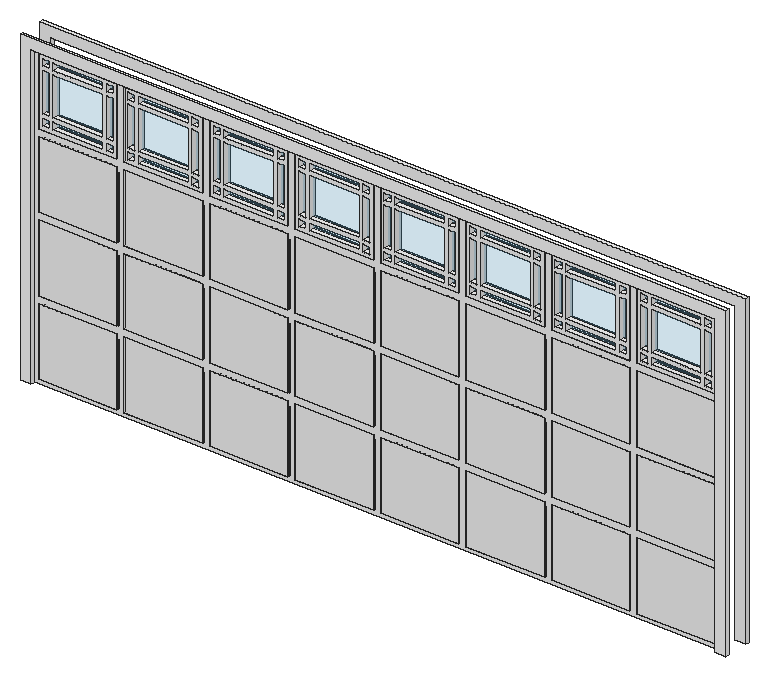
Revit family
Parameters (values of type "Overheard_Panel_Garage_Door_Contemporary_4")
  Frame Projection Ext. = 0' - 1"
  Frame Projection Int. = 0' - 1"
  Frame Width = 0' - 3"
  Height = 7' - 0"
  Wall Closure = (empty or 0)
  Width = 16' - 0"
  Assembly Code = ""
Reference planes (in)
  plane 1 "Center (Front/Back)": y = 0
  plane 2 "Center (Left/Right)": x = 0
  plane 3 "Left": x = -96
  plane 4 "Right": x = 96
  plane 5 "Top": z = 84
  plane 6: x = 72
  plane 7: x = 48
  plane 8: x = 24
  plane 9: x = 0
  plane 10: x = -24
  plane 11: x = -48
  plane 12: x = -72
  plane 13: z = 63
  plane 14: z = 42
  plane 15: z = 21
  plane 16: z = 84
  plane 17: z = 0
  plane 18: z = 0
  plane 19: x = -96
Forms (in)
  Extrusion 1, solid, material "Paint - White"
    sketch origin (-90, 3, 0) x (-1, 0, 0) y (0, 0, 1)
      loop
        line (-186, 84) -> (6, 84) -> (6, 0) -> (9, 0) -> (9, 87) -> (-189, 87) -> (-189, 0) -> (-186, 0) -> (-186, 84)
    from 0 to 1
  Extrusion 2, solid, material "JOSHUA(DEFAULT)"
    sketch origin (-90, -3, 0) x (1, 0, 0) y (0, 0, 1)
      loop
        line (-6, 0) -> (-6, 84) -> (186, 84) -> (186, 0) -> (189, 0) -> (189, 87) -> (-9, 87) -> (-9, 0) -> (-6, 0)
    from 0 to 1
  Extrusion 3, solid, material "Paint - White"
    sketch origin (0, 0, 0) x (1, 0, 0) y (0, 0, 1)
      loop
        line (96, 84) -> (-96, 84) -> (-96, 0) -> (96, 0) -> (96, 84)
      loop
        line (95, 83) -> (73, 83) -> (73, 64) -> (95, 64) -> (95, 83)
      loop
        line (71, 83) -> (49, 83) -> (49, 64) -> (71, 64) -> (71, 83)
      loop
        line (47, 83) -> (25, 83) -> (25, 64) -> (47, 64) -> (47, 83)
      loop
        line (23, 83) -> (1, 83) -> (1, 64) -> (23, 64) -> (23, 83)
      loop
        line (-1, 83) -> (-23, 83) -> (-23, 64) -> (-1, 64) -> (-1, 83)
      loop
        line (-25, 83) -> (-47, 83) -> (-47, 64) -> (-25, 64) -> (-25, 83)
      loop
        line (-49, 83) -> (-71, 83) -> (-71, 64) -> (-49, 64) -> (-49, 83)
      loop
        line (-73, 83) -> (-95, 83) -> (-95, 64) -> (-73, 64) -> (-73, 83)
      loop
        line (95, 62) -> (73, 62) -> (73, 43) -> (95, 43) -> (95, 62)
      loop
        line (95, 20) -> (73, 20) -> (73, 1) -> (95, 1) -> (95, 20)
      loop
        line (95, 41) -> (73, 41) -> (73, 22) -> (95, 22) -> (95, 41)
      loop
        line (71, 41) -> (49, 41) -> (49, 22) -> (71, 22) -> (71, 41)
      loop
        line (71, 20) -> (49, 20) -> (49, 1) -> (71, 1) -> (71, 20)
      loop
        line (71, 62) -> (49, 62) -> (49, 43) -> (71, 43) -> (71, 62)
      loop
        line (47, 62) -> (25, 62) -> (25, 43) -> (47, 43) -> (47, 62)
      loop
        line (47, 41) -> (25, 41) -> (25, 22) -> (47, 22) -> (47, 41)
      loop
        line (47, 20) -> (25, 20) -> (25, 1) -> (47, 1) -> (47, 20)
      loop
        line (23, 62) -> (1, 62) -> (1, 43) -> (23, 43) -> (23, 62)
      loop
        line (23, 41) -> (1, 41) -> (1, 22) -> (23, 22) -> (23, 41)
      loop
        line (23, 20) -> (1, 20) -> (1, 1) -> (23, 1) -> (23, 20)
      loop
        line (-1, 62) -> (-23, 62) -> (-23, 43) -> (-1, 43) -> (-1, 62)
      loop
        line (-25, 41) -> (-47, 41) -> (-47, 22) -> (-25, 22) -> (-25, 41)
      loop
        line (-49, 20) -> (-71, 20) -> (-71, 1) -> (-49, 1) -> (-49, 20)
      loop
        line (-49, 62) -> (-71, 62) -> (-71, 43) -> (-49, 43) -> (-49, 62)
      loop
        line (-73, 62) -> (-95, 62) -> (-95, 43) -> (-73, 43) -> (-73, 62)
      loop
        line (-73, 41) -> (-95, 41) -> (-95, 22) -> (-73, 22) -> (-73, 41)
      loop
        line (-73, 20) -> (-95, 20) -> (-95, 1) -> (-73, 1) -> (-73, 20)
      loop
        line (-49, 41) -> (-71, 41) -> (-71, 22) -> (-49, 22) -> (-49, 41)
      loop
        line (-25, 62) -> (-47, 62) -> (-47, 43) -> (-25, 43) -> (-25, 62)
      loop
        line (-1, 41) -> (-23, 41) -> (-23, 22) -> (-1, 22) -> (-1, 41)
      loop
        line (-25, 20) -> (-47, 20) -> (-47, 1) -> (-25, 1) -> (-25, 20)
      loop
        line (-23, 20) -> (-23, 1) -> (-1, 1) -> (-1, 20) -> (-23, 20)
    from 2.5 to 0
  Blend 4, solid, material "Paint - White"
    base sketch origin (0, 0, 0) x (1, 0, 0) y (0, 0, 1)
      loop
        line (95, 62) -> (73, 62) -> (73, 43) -> (95, 43) -> (95, 62)
    top sketch origin (0, 0, 0) x (1, 0, 0) y (0, 0, 1)
      loop
        line (94, 61) -> (74, 61) -> (74, 44) -> (94, 44) -> (94, 61)
    from 2 to 0.5
  Extrusion 5, solid, material "Paint - White"
    sketch origin (0, 0, 0) x (1, 0, 0) y (0, 0, 1)
      loop
        line (95, 62) -> (73, 62) -> (73, 43) -> (95, 43) -> (95, 62)
    from 2 to 2.5
  Blend 6, solid, material "Paint - White"
    base sketch origin (-24, 0, 0) x (1, 0, 0) y (0, 0, 1)
      loop
        line (95, 62) -> (73, 62) -> (73, 43) -> (95, 43) -> (95, 62)
    top sketch origin (-24, 0, 0) x (1, 0, 0) y (0, 0, 1)
      loop
        line (94, 61) -> (74, 61) -> (74, 44) -> (94, 44) -> (94, 61)
    from 2 to 0.5
  Extrusion 7, solid, material "Paint - White"
    sketch origin (-24, 0, 0) x (1, 0, 0) y (0, 0, 1)
      loop
        line (95, 62) -> (73, 62) -> (73, 43) -> (95, 43) -> (95, 62)
    from 2 to 2.5
  Blend 8, solid, material "Paint - White"
    base sketch origin (-48, 0, 0) x (1, 0, 0) y (0, 0, 1)
      loop
        line (95, 62) -> (73, 62) -> (73, 43) -> (95, 43) -> (95, 62)
    top sketch origin (-48, 0, 0) x (1, 0, 0) y (0, 0, 1)
      loop
        line (94, 61) -> (74, 61) -> (74, 44) -> (94, 44) -> (94, 61)
    from 2 to 0.5
  Extrusion 9, solid, material "Paint - White"
    sketch origin (-48, 0, 0) x (1, 0, 0) y (0, 0, 1)
      loop
        line (95, 62) -> (73, 62) -> (73, 43) -> (95, 43) -> (95, 62)
    from 2 to 2.5
  Blend 10, solid, material "Paint - White"
    base sketch origin (-72, 0, 0) x (1, 0, 0) y (0, 0, 1)
      loop
        line (95, 62) -> (73, 62) -> (73, 43) -> (95, 43) -> (95, 62)
    top sketch origin (-72, 0, 0) x (1, 0, 0) y (0, 0, 1)
      loop
        line (94, 61) -> (74, 61) -> (74, 44) -> (94, 44) -> (94, 61)
    from 2 to 0.5
  Extrusion 11, solid, material "Paint - White"
    sketch origin (-72, 0, 0) x (1, 0, 0) y (0, 0, 1)
      loop
        line (95, 62) -> (73, 62) -> (73, 43) -> (95, 43) -> (95, 62)
    from 2 to 2.5
  Blend 12, solid, material "Paint - White"
    base sketch origin (-96, 0, 0) x (1, 0, 0) y (0, 0, 1)
      loop
        line (95, 62) -> (73, 62) -> (73, 43) -> (95, 43) -> (95, 62)
    top sketch origin (-96, 0, 0) x (1, 0, 0) y (0, 0, 1)
      loop
        line (94, 61) -> (74, 61) -> (74, 44) -> (94, 44) -> (94, 61)
    from 2 to 0.5
  Extrusion 13, solid, material "Paint - White"
    sketch origin (-96, 0, 0) x (1, 0, 0) y (0, 0, 1)
      loop
        line (95, 62) -> (73, 62) -> (73, 43) -> (95, 43) -> (95, 62)
    from 2 to 2.5
  Blend 14, solid, material "Paint - White"
    base sketch origin (-120, 0, 0) x (1, 0, 0) y (0, 0, 1)
      loop
        line (95, 62) -> (73, 62) -> (73, 43) -> (95, 43) -> (95, 62)
    top sketch origin (-120, 0, 0) x (1, 0, 0) y (0, 0, 1)
      loop
        line (94, 61) -> (74, 61) -> (74, 44) -> (94, 44) -> (94, 61)
    from 2 to 0.5
  Extrusion 15, solid, material "Paint - White"
    sketch origin (-120, 0, 0) x (1, 0, 0) y (0, 0, 1)
      loop
        line (95, 62) -> (73, 62) -> (73, 43) -> (95, 43) -> (95, 62)
    from 2 to 2.5
  Blend 16, solid, material "Paint - White"
    base sketch origin (-144, 0, 0) x (1, 0, 0) y (0, 0, 1)
      loop
        line (95, 62) -> (73, 62) -> (73, 43) -> (95, 43) -> (95, 62)
    top sketch origin (-144, 0, 0) x (1, 0, 0) y (0, 0, 1)
      loop
        line (94, 61) -> (74, 61) -> (74, 44) -> (94, 44) -> (94, 61)
    from 2 to 0.5
  Extrusion 17, solid, material "Paint - White"
    sketch origin (-144, 0, 0) x (1, 0, 0) y (0, 0, 1)
      loop
        line (95, 62) -> (73, 62) -> (73, 43) -> (95, 43) -> (95, 62)
    from 2 to 2.5
  Blend 18, solid, material "Paint - White"
    base sketch origin (0, 0, -21) x (1, 0, 0) y (0, 0, 1)
      loop
        line (95, 62) -> (73, 62) -> (73, 43) -> (95, 43) -> (95, 62)
    top sketch origin (0, 0, -21) x (1, 0, 0) y (0, 0, 1)
      loop
        line (94, 61) -> (74, 61) -> (74, 44) -> (94, 44) -> (94, 61)
    from 2 to 0.5
  Extrusion 19, solid, material "Paint - White"
    sketch origin (0, 0, -21) x (1, 0, 0) y (0, 0, 1)
      loop
        line (95, 62) -> (73, 62) -> (73, 43) -> (95, 43) -> (95, 62)
    from 2 to 2.5
  Blend 20, solid, material "Paint - White"
    base sketch origin (0, 0, -42) x (1, 0, 0) y (0, 0, 1)
      loop
        line (95, 62) -> (73, 62) -> (73, 43) -> (95, 43) -> (95, 62)
    top sketch origin (0, 0, -42) x (1, 0, 0) y (0, 0, 1)
      loop
        line (94, 61) -> (74, 61) -> (74, 44) -> (94, 44) -> (94, 61)
    from 2 to 0.5
  Extrusion 21, solid, material "Paint - White"
    sketch origin (0, 0, -42) x (1, 0, 0) y (0, 0, 1)
      loop
        line (95, 62) -> (73, 62) -> (73, 43) -> (95, 43) -> (95, 62)
    from 2 to 2.5
  Blend 22, solid, material "Paint - White"
    base sketch origin (-24, 0, -21) x (1, 0, 0) y (0, 0, 1)
      loop
        line (95, 62) -> (73, 62) -> (73, 43) -> (95, 43) -> (95, 62)
    top sketch origin (-24, 0, -21) x (1, 0, 0) y (0, 0, 1)
      loop
        line (94, 61) -> (74, 61) -> (74, 44) -> (94, 44) -> (94, 61)
    from 2 to 0.5
  Extrusion 23, solid, material "Paint - White"
    sketch origin (-24, 0, -21) x (1, 0, 0) y (0, 0, 1)
      loop
        line (95, 62) -> (73, 62) -> (73, 43) -> (95, 43) -> (95, 62)
    from 2 to 2.5
  Blend 24, solid, material "Paint - White"
    base sketch origin (-24, 0, -42) x (1, 0, 0) y (0, 0, 1)
      loop
        line (95, 62) -> (73, 62) -> (73, 43) -> (95, 43) -> (95, 62)
    top sketch origin (-24, 0, -42) x (1, 0, 0) y (0, 0, 1)
      loop
        line (94, 61) -> (74, 61) -> (74, 44) -> (94, 44) -> (94, 61)
    from 2 to 0.5
  Extrusion 25, solid, material "Paint - White"
    sketch origin (-24, 0, -42) x (1, 0, 0) y (0, 0, 1)
      loop
        line (95, 62) -> (73, 62) -> (73, 43) -> (95, 43) -> (95, 62)
    from 2 to 2.5
  Blend 26, solid, material "Paint - White"
    base sketch origin (-48, 0, -21) x (1, 0, 0) y (0, 0, 1)
      loop
        line (95, 62) -> (73, 62) -> (73, 43) -> (95, 43) -> (95, 62)
    top sketch origin (-48, 0, -21) x (1, 0, 0) y (0, 0, 1)
      loop
        line (94, 61) -> (74, 61) -> (74, 44) -> (94, 44) -> (94, 61)
    from 2 to 0.5
  Extrusion 27, solid, material "Paint - White"
    sketch origin (-48, 0, -21) x (1, 0, 0) y (0, 0, 1)
      loop
        line (95, 62) -> (73, 62) -> (73, 43) -> (95, 43) -> (95, 62)
    from 2 to 2.5
  Blend 28, solid, material "Paint - White"
    base sketch origin (-48, 0, -42) x (1, 0, 0) y (0, 0, 1)
      loop
        line (95, 62) -> (73, 62) -> (73, 43) -> (95, 43) -> (95, 62)
    top sketch origin (-48, 0, -42) x (1, 0, 0) y (0, 0, 1)
      loop
        line (94, 61) -> (74, 61) -> (74, 44) -> (94, 44) -> (94, 61)
    from 2 to 0.5
  Extrusion 29, solid, material "Paint - White"
    sketch origin (-48, 0, -42) x (1, 0, 0) y (0, 0, 1)
      loop
        line (95, 62) -> (73, 62) -> (73, 43) -> (95, 43) -> (95, 62)
    from 2 to 2.5
  Blend 30, solid, material "Paint - White"
    base sketch origin (-72, 0, -21) x (1, 0, 0) y (0, 0, 1)
      loop
        line (95, 62) -> (73, 62) -> (73, 43) -> (95, 43) -> (95, 62)
    top sketch origin (-72, 0, -21) x (1, 0, 0) y (0, 0, 1)
      loop
        line (94, 61) -> (74, 61) -> (74, 44) -> (94, 44) -> (94, 61)
    from 2 to 0.5
  Extrusion 31, solid, material "Paint - White"
    sketch origin (-72, 0, -21) x (1, 0, 0) y (0, 0, 1)
      loop
        line (95, 62) -> (73, 62) -> (73, 43) -> (95, 43) -> (95, 62)
    from 2 to 2.5
  Blend 32, solid, material "Paint - White"
    base sketch origin (-72, 0, -42) x (1, 0, 0) y (0, 0, 1)
      loop
        line (95, 62) -> (73, 62) -> (73, 43) -> (95, 43) -> (95, 62)
    top sketch origin (-72, 0, -42) x (1, 0, 0) y (0, 0, 1)
      loop
        line (94, 61) -> (74, 61) -> (74, 44) -> (94, 44) -> (94, 61)
    from 2 to 0.5
  Extrusion 33, solid, material "Paint - White"
    sketch origin (-72, 0, -42) x (1, 0, 0) y (0, 0, 1)
      loop
        line (95, 62) -> (73, 62) -> (73, 43) -> (95, 43) -> (95, 62)
    from 2 to 2.5
  Blend 34, solid, material "Paint - White"
    base sketch origin (-96, 0, -21) x (1, 0, 0) y (0, 0, 1)
      loop
        line (95, 62) -> (73, 62) -> (73, 43) -> (95, 43) -> (95, 62)
    top sketch origin (-96, 0, -21) x (1, 0, 0) y (0, 0, 1)
      loop
        line (94, 61) -> (74, 61) -> (74, 44) -> (94, 44) -> (94, 61)
    from 2 to 0.5
  Extrusion 35, solid, material "Paint - White"
    sketch origin (-96, 0, -21) x (1, 0, 0) y (0, 0, 1)
      loop
        line (95, 62) -> (73, 62) -> (73, 43) -> (95, 43) -> (95, 62)
    from 2 to 2.5
  Blend 36, solid, material "Paint - White"
    base sketch origin (-96, 0, -42) x (1, 0, 0) y (0, 0, 1)
      loop
        line (95, 62) -> (73, 62) -> (73, 43) -> (95, 43) -> (95, 62)
    top sketch origin (-96, 0, -42) x (1, 0, 0) y (0, 0, 1)
      loop
        line (94, 61) -> (74, 61) -> (74, 44) -> (94, 44) -> (94, 61)
    from 2 to 0.5
  Extrusion 37, solid, material "Paint - White"
    sketch origin (-96, 0, -42) x (1, 0, 0) y (0, 0, 1)
      loop
        line (95, 62) -> (73, 62) -> (73, 43) -> (95, 43) -> (95, 62)
    from 2 to 2.5
  Blend 38, solid, material "Paint - White"
    base sketch origin (-120, 0, -21) x (1, 0, 0) y (0, 0, 1)
      loop
        line (95, 62) -> (73, 62) -> (73, 43) -> (95, 43) -> (95, 62)
    top sketch origin (-120, 0, -21) x (1, 0, 0) y (0, 0, 1)
      loop
        line (94, 61) -> (74, 61) -> (74, 44) -> (94, 44) -> (94, 61)
    from 2 to 0.5
  Extrusion 39, solid, material "Paint - White"
    sketch origin (-120, 0, -21) x (1, 0, 0) y (0, 0, 1)
      loop
        line (95, 62) -> (73, 62) -> (73, 43) -> (95, 43) -> (95, 62)
    from 2 to 2.5
  Blend 40, solid, material "Paint - White"
    base sketch origin (-120, 0, -42) x (1, 0, 0) y (0, 0, 1)
      loop
        line (95, 62) -> (73, 62) -> (73, 43) -> (95, 43) -> (95, 62)
    top sketch origin (-120, 0, -42) x (1, 0, 0) y (0, 0, 1)
      loop
        line (94, 61) -> (74, 61) -> (74, 44) -> (94, 44) -> (94, 61)
    from 2 to 0.5
  Extrusion 41, solid, material "Paint - White"
    sketch origin (-120, 0, -42) x (1, 0, 0) y (0, 0, 1)
      loop
        line (95, 62) -> (73, 62) -> (73, 43) -> (95, 43) -> (95, 62)
    from 2 to 2.5
  Blend 42, solid, material "Paint - White"
    base sketch origin (-144, 0, -21) x (1, 0, 0) y (0, 0, 1)
      loop
        line (95, 62) -> (73, 62) -> (73, 43) -> (95, 43) -> (95, 62)
    top sketch origin (-144, 0, -21) x (1, 0, 0) y (0, 0, 1)
      loop
        line (94, 61) -> (74, 61) -> (74, 44) -> (94, 44) -> (94, 61)
    from 2 to 0.5
  Extrusion 43, solid, material "Paint - White"
    sketch origin (-144, 0, -21) x (1, 0, 0) y (0, 0, 1)
      loop
        line (95, 62) -> (73, 62) -> (73, 43) -> (95, 43) -> (95, 62)
    from 2 to 2.5
  Blend 44, solid, material "Paint - White"
    base sketch origin (-144, 0, -42) x (1, 0, 0) y (0, 0, 1)
      loop
        line (95, 62) -> (73, 62) -> (73, 43) -> (95, 43) -> (95, 62)
    top sketch origin (-144, 0, -42) x (1, 0, 0) y (0, 0, 1)
      loop
        line (94, 61) -> (74, 61) -> (74, 44) -> (94, 44) -> (94, 61)
    from 2 to 0.5
  Extrusion 45, solid, material "Paint - White"
    sketch origin (-144, 0, -42) x (1, 0, 0) y (0, 0, 1)
      loop
        line (95, 62) -> (73, 62) -> (73, 43) -> (95, 43) -> (95, 62)
    from 2 to 2.5
  Blend 46, solid, material "Paint - White"
    base sketch origin (-168, 0, -21) x (1, 0, 0) y (0, 0, 1)
      loop
        line (95, 62) -> (73, 62) -> (73, 43) -> (95, 43) -> (95, 62)
    top sketch origin (-168, 0, -21) x (1, 0, 0) y (0, 0, 1)
      loop
        line (94, 61) -> (74, 61) -> (74, 44) -> (94, 44) -> (94, 61)
    from 2 to 0.5
  Extrusion 47, solid, material "Paint - White"
    sketch origin (-168, 0, -21) x (1, 0, 0) y (0, 0, 1)
      loop
        line (95, 62) -> (73, 62) -> (73, 43) -> (95, 43) -> (95, 62)
    from 2 to 2.5
  Blend 48, solid, material "Paint - White"
    base sketch origin (-168, 0, -42) x (1, 0, 0) y (0, 0, 1)
      loop
        line (95, 62) -> (73, 62) -> (73, 43) -> (95, 43) -> (95, 62)
    top sketch origin (-168, 0, -42) x (1, 0, 0) y (0, 0, 1)
      loop
        line (94, 61) -> (74, 61) -> (74, 44) -> (94, 44) -> (94, 61)
    from 2 to 0.5
  Extrusion 49, solid, material "Paint - White"
    sketch origin (-168, 0, -42) x (1, 0, 0) y (0, 0, 1)
      loop
        line (95, 62) -> (73, 62) -> (73, 43) -> (95, 43) -> (95, 62)
    from 2 to 2.5
  Blend 50, solid, material "Paint - White"
    base sketch origin (-168, 0, 0) x (1, 0, 0) y (0, 0, 1)
      loop
        line (95, 62) -> (73, 62) -> (73, 43) -> (95, 43) -> (95, 62)
    top sketch origin (-168, 0, 0) x (1, 0, 0) y (0, 0, 1)
      loop
        line (94, 61) -> (74, 61) -> (74, 44) -> (94, 44) -> (94, 61)
    from 2 to 0.5
  Extrusion 51, solid, material "Paint - White"
    sketch origin (-168, 0, 0) x (1, 0, 0) y (0, 0, 1)
      loop
        line (95, 62) -> (73, 62) -> (73, 43) -> (95, 43) -> (95, 62)
    from 2 to 2.5
  Extrusion 52, solid, material "Paint - White"
    sketch origin (0, 0, 0) x (1, 0, 0) y (0, 0, 1)
      loop
        line (95, 83) -> (73, 83) -> (73, 64) -> (95, 64) -> (95, 83)
      loop
        line (94, 65) -> (94, 67) -> (92, 67) -> (92, 65) -> (94, 65)
      loop
        line (74, 65) -> (76, 65) -> (76, 67) -> (74, 67) -> (74, 65)
      loop
        line (74, 82) -> (74, 80) -> (76, 80) -> (76, 82) -> (74, 82)
      loop
        line (94, 82) -> (92, 82) -> (92, 80) -> (94, 80) -> (94, 82)
      loop
        line (94, 79) -> (92, 79) -> (92, 68) -> (94, 68) -> (94, 79)
      loop
        line (74, 68) -> (76, 68) -> (76, 79) -> (74, 79) -> (74, 68)
      loop
        line (91, 65) -> (91, 67) -> (77, 67) -> (77, 65) -> (91, 65)
      loop
        line (77, 82) -> (77, 80) -> (91, 80) -> (91, 82) -> (77, 82)
      loop
        line (91, 79) -> (77, 79) -> (77, 68) -> (91, 68) -> (91, 79)
    from 0.5 to 2.5
  Extrusion 53, solid, material "Glass"
    sketch origin (0, 0, 0) x (1, 0, 0) y (0, 0, 1)
      loop
        line (94, 82) -> (92, 82) -> (92, 80) -> (94, 80) -> (94, 82)
      loop
        line (92, 79) -> (92, 68) -> (94, 68) -> (94, 79) -> (92, 79)
      loop
        line (76, 82) -> (74, 82) -> (74, 80) -> (76, 80) -> (76, 82)
      loop
        line (76, 67) -> (74, 67) -> (74, 65) -> (76, 65) -> (76, 67)
      loop
        line (94, 67) -> (92, 67) -> (92, 65) -> (94, 65) -> (94, 67)
      loop
        line (74, 79) -> (74, 68) -> (76, 68) -> (76, 79) -> (74, 79)
      loop
        line (91, 82) -> (77, 82) -> (77, 80) -> (91, 80) -> (91, 82)
      loop
        line (91, 67) -> (77, 67) -> (77, 65) -> (91, 65) -> (91, 67)
      loop
        line (91, 79) -> (77, 79) -> (77, 68) -> (91, 68) -> (91, 79)
    from 1 to 1.25
  Extrusion 54, solid, material "Paint - White"
    sketch origin (-24, 0, 0) x (1, 0, 0) y (0, 0, 1)
      loop
        line (95, 83) -> (73, 83) -> (73, 64) -> (95, 64) -> (95, 83)
      loop
        line (94, 65) -> (94, 67) -> (92, 67) -> (92, 65) -> (94, 65)
      loop
        line (74, 65) -> (76, 65) -> (76, 67) -> (74, 67) -> (74, 65)
      loop
        line (74, 82) -> (74, 80) -> (76, 80) -> (76, 82) -> (74, 82)
      loop
        line (94, 82) -> (92, 82) -> (92, 80) -> (94, 80) -> (94, 82)
      loop
        line (94, 79) -> (92, 79) -> (92, 68) -> (94, 68) -> (94, 79)
      loop
        line (74, 68) -> (76, 68) -> (76, 79) -> (74, 79) -> (74, 68)
      loop
        line (91, 65) -> (91, 67) -> (77, 67) -> (77, 65) -> (91, 65)
      loop
        line (77, 82) -> (77, 80) -> (91, 80) -> (91, 82) -> (77, 82)
      loop
        line (91, 79) -> (77, 79) -> (77, 68) -> (91, 68) -> (91, 79)
    from 0.5 to 2.5
  Extrusion 55, solid, material "Glass"
    sketch origin (-24, 0, 0) x (1, 0, 0) y (0, 0, 1)
      loop
        line (94, 82) -> (92, 82) -> (92, 80) -> (94, 80) -> (94, 82)
      loop
        line (92, 79) -> (92, 68) -> (94, 68) -> (94, 79) -> (92, 79)
      loop
        line (76, 82) -> (74, 82) -> (74, 80) -> (76, 80) -> (76, 82)
      loop
        line (76, 67) -> (74, 67) -> (74, 65) -> (76, 65) -> (76, 67)
      loop
        line (94, 67) -> (92, 67) -> (92, 65) -> (94, 65) -> (94, 67)
      loop
        line (74, 79) -> (74, 68) -> (76, 68) -> (76, 79) -> (74, 79)
      loop
        line (91, 82) -> (77, 82) -> (77, 80) -> (91, 80) -> (91, 82)
      loop
        line (91, 67) -> (77, 67) -> (77, 65) -> (91, 65) -> (91, 67)
      loop
        line (91, 79) -> (77, 79) -> (77, 68) -> (91, 68) -> (91, 79)
    from 1 to 1.25
  Extrusion 56, solid, material "Paint - White"
    sketch origin (-48, 0, 0) x (1, 0, 0) y (0, 0, 1)
      loop
        line (95, 83) -> (73, 83) -> (73, 64) -> (95, 64) -> (95, 83)
      loop
        line (94, 65) -> (94, 67) -> (92, 67) -> (92, 65) -> (94, 65)
      loop
        line (74, 65) -> (76, 65) -> (76, 67) -> (74, 67) -> (74, 65)
      loop
        line (74, 82) -> (74, 80) -> (76, 80) -> (76, 82) -> (74, 82)
      loop
        line (94, 82) -> (92, 82) -> (92, 80) -> (94, 80) -> (94, 82)
      loop
        line (94, 79) -> (92, 79) -> (92, 68) -> (94, 68) -> (94, 79)
      loop
        line (74, 68) -> (76, 68) -> (76, 79) -> (74, 79) -> (74, 68)
      loop
        line (91, 65) -> (91, 67) -> (77, 67) -> (77, 65) -> (91, 65)
      loop
        line (77, 82) -> (77, 80) -> (91, 80) -> (91, 82) -> (77, 82)
      loop
        line (91, 79) -> (77, 79) -> (77, 68) -> (91, 68) -> (91, 79)
    from 0.5 to 2.5
  Extrusion 57, solid, material "Glass"
    sketch origin (-48, 0, 0) x (1, 0, 0) y (0, 0, 1)
      loop
        line (94, 82) -> (92, 82) -> (92, 80) -> (94, 80) -> (94, 82)
      loop
        line (92, 79) -> (92, 68) -> (94, 68) -> (94, 79) -> (92, 79)
      loop
        line (76, 82) -> (74, 82) -> (74, 80) -> (76, 80) -> (76, 82)
      loop
        line (76, 67) -> (74, 67) -> (74, 65) -> (76, 65) -> (76, 67)
      loop
        line (94, 67) -> (92, 67) -> (92, 65) -> (94, 65) -> (94, 67)
      loop
        line (74, 79) -> (74, 68) -> (76, 68) -> (76, 79) -> (74, 79)
      loop
        line (91, 82) -> (77, 82) -> (77, 80) -> (91, 80) -> (91, 82)
      loop
        line (91, 67) -> (77, 67) -> (77, 65) -> (91, 65) -> (91, 67)
      loop
        line (91, 79) -> (77, 79) -> (77, 68) -> (91, 68) -> (91, 79)
    from 1 to 1.25
  Extrusion 58, solid, material "Paint - White"
    sketch origin (-72, 0, 0) x (1, 0, 0) y (0, 0, 1)
      loop
        line (95, 83) -> (73, 83) -> (73, 64) -> (95, 64) -> (95, 83)
      loop
        line (94, 65) -> (94, 67) -> (92, 67) -> (92, 65) -> (94, 65)
      loop
        line (74, 65) -> (76, 65) -> (76, 67) -> (74, 67) -> (74, 65)
      loop
        line (74, 82) -> (74, 80) -> (76, 80) -> (76, 82) -> (74, 82)
      loop
        line (94, 82) -> (92, 82) -> (92, 80) -> (94, 80) -> (94, 82)
      loop
        line (94, 79) -> (92, 79) -> (92, 68) -> (94, 68) -> (94, 79)
      loop
        line (74, 68) -> (76, 68) -> (76, 79) -> (74, 79) -> (74, 68)
      loop
        line (91, 65) -> (91, 67) -> (77, 67) -> (77, 65) -> (91, 65)
      loop
        line (77, 82) -> (77, 80) -> (91, 80) -> (91, 82) -> (77, 82)
      loop
        line (91, 79) -> (77, 79) -> (77, 68) -> (91, 68) -> (91, 79)
    from 0.5 to 2.5
  Extrusion 59, solid, material "Glass"
    sketch origin (-72, 0, 0) x (1, 0, 0) y (0, 0, 1)
      loop
        line (94, 82) -> (92, 82) -> (92, 80) -> (94, 80) -> (94, 82)
      loop
        line (92, 79) -> (92, 68) -> (94, 68) -> (94, 79) -> (92, 79)
      loop
        line (76, 82) -> (74, 82) -> (74, 80) -> (76, 80) -> (76, 82)
      loop
        line (76, 67) -> (74, 67) -> (74, 65) -> (76, 65) -> (76, 67)
      loop
        line (94, 67) -> (92, 67) -> (92, 65) -> (94, 65) -> (94, 67)
      loop
        line (74, 79) -> (74, 68) -> (76, 68) -> (76, 79) -> (74, 79)
      loop
        line (91, 82) -> (77, 82) -> (77, 80) -> (91, 80) -> (91, 82)
      loop
        line (91, 67) -> (77, 67) -> (77, 65) -> (91, 65) -> (91, 67)
      loop
        line (91, 79) -> (77, 79) -> (77, 68) -> (91, 68) -> (91, 79)
    from 1 to 1.25
  Extrusion 60, solid, material "Paint - White"
    sketch origin (-96, 0, 0) x (1, 0, 0) y (0, 0, 1)
      loop
        line (95, 83) -> (73, 83) -> (73, 64) -> (95, 64) -> (95, 83)
      loop
        line (94, 65) -> (94, 67) -> (92, 67) -> (92, 65) -> (94, 65)
      loop
        line (74, 65) -> (76, 65) -> (76, 67) -> (74, 67) -> (74, 65)
      loop
        line (74, 82) -> (74, 80) -> (76, 80) -> (76, 82) -> (74, 82)
      loop
        line (94, 82) -> (92, 82) -> (92, 80) -> (94, 80) -> (94, 82)
      loop
        line (94, 79) -> (92, 79) -> (92, 68) -> (94, 68) -> (94, 79)
      loop
        line (74, 68) -> (76, 68) -> (76, 79) -> (74, 79) -> (74, 68)
      loop
        line (91, 65) -> (91, 67) -> (77, 67) -> (77, 65) -> (91, 65)
      loop
        line (77, 82) -> (77, 80) -> (91, 80) -> (91, 82) -> (77, 82)
      loop
        line (91, 79) -> (77, 79) -> (77, 68) -> (91, 68) -> (91, 79)
    from 0.5 to 2.5
  Extrusion 61, solid, material "Glass"
    sketch origin (-96, 0, 0) x (1, 0, 0) y (0, 0, 1)
      loop
        line (94, 82) -> (92, 82) -> (92, 80) -> (94, 80) -> (94, 82)
      loop
        line (92, 79) -> (92, 68) -> (94, 68) -> (94, 79) -> (92, 79)
      loop
        line (76, 82) -> (74, 82) -> (74, 80) -> (76, 80) -> (76, 82)
      loop
        line (76, 67) -> (74, 67) -> (74, 65) -> (76, 65) -> (76, 67)
      loop
        line (94, 67) -> (92, 67) -> (92, 65) -> (94, 65) -> (94, 67)
      loop
        line (74, 79) -> (74, 68) -> (76, 68) -> (76, 79) -> (74, 79)
      loop
        line (91, 82) -> (77, 82) -> (77, 80) -> (91, 80) -> (91, 82)
      loop
        line (91, 67) -> (77, 67) -> (77, 65) -> (91, 65) -> (91, 67)
      loop
        line (91, 79) -> (77, 79) -> (77, 68) -> (91, 68) -> (91, 79)
    from 1 to 1.25
  Extrusion 62, solid, material "Paint - White"
    sketch origin (-120, 0, 0) x (1, 0, 0) y (0, 0, 1)
      loop
        line (95, 83) -> (73, 83) -> (73, 64) -> (95, 64) -> (95, 83)
      loop
        line (94, 65) -> (94, 67) -> (92, 67) -> (92, 65) -> (94, 65)
      loop
        line (74, 65) -> (76, 65) -> (76, 67) -> (74, 67) -> (74, 65)
      loop
        line (74, 82) -> (74, 80) -> (76, 80) -> (76, 82) -> (74, 82)
      loop
        line (94, 82) -> (92, 82) -> (92, 80) -> (94, 80) -> (94, 82)
      loop
        line (94, 79) -> (92, 79) -> (92, 68) -> (94, 68) -> (94, 79)
      loop
        line (74, 68) -> (76, 68) -> (76, 79) -> (74, 79) -> (74, 68)
      loop
        line (91, 65) -> (91, 67) -> (77, 67) -> (77, 65) -> (91, 65)
      loop
        line (77, 82) -> (77, 80) -> (91, 80) -> (91, 82) -> (77, 82)
      loop
        line (91, 79) -> (77, 79) -> (77, 68) -> (91, 68) -> (91, 79)
    from 0.5 to 2.5
  Extrusion 63, solid, material "Glass"
    sketch origin (-120, 0, 0) x (1, 0, 0) y (0, 0, 1)
      loop
        line (94, 82) -> (92, 82) -> (92, 80) -> (94, 80) -> (94, 82)
      loop
        line (92, 79) -> (92, 68) -> (94, 68) -> (94, 79) -> (92, 79)
      loop
        line (76, 82) -> (74, 82) -> (74, 80) -> (76, 80) -> (76, 82)
      loop
        line (76, 67) -> (74, 67) -> (74, 65) -> (76, 65) -> (76, 67)
      loop
        line (94, 67) -> (92, 67) -> (92, 65) -> (94, 65) -> (94, 67)
      loop
        line (74, 79) -> (74, 68) -> (76, 68) -> (76, 79) -> (74, 79)
      loop
        line (91, 82) -> (77, 82) -> (77, 80) -> (91, 80) -> (91, 82)
      loop
        line (91, 67) -> (77, 67) -> (77, 65) -> (91, 65) -> (91, 67)
      loop
        line (91, 79) -> (77, 79) -> (77, 68) -> (91, 68) -> (91, 79)
    from 1 to 1.25
  Extrusion 64, solid, material "Paint - White"
    sketch origin (-144, 0, 0) x (1, 0, 0) y (0, 0, 1)
      loop
        line (95, 83) -> (73, 83) -> (73, 64) -> (95, 64) -> (95, 83)
      loop
        line (94, 65) -> (94, 67) -> (92, 67) -> (92, 65) -> (94, 65)
      loop
        line (74, 65) -> (76, 65) -> (76, 67) -> (74, 67) -> (74, 65)
      loop
        line (74, 82) -> (74, 80) -> (76, 80) -> (76, 82) -> (74, 82)
      loop
        line (94, 82) -> (92, 82) -> (92, 80) -> (94, 80) -> (94, 82)
      loop
        line (94, 79) -> (92, 79) -> (92, 68) -> (94, 68) -> (94, 79)
      loop
        line (74, 68) -> (76, 68) -> (76, 79) -> (74, 79) -> (74, 68)
      loop
        line (91, 65) -> (91, 67) -> (77, 67) -> (77, 65) -> (91, 65)
      loop
        line (77, 82) -> (77, 80) -> (91, 80) -> (91, 82) -> (77, 82)
      loop
        line (91, 79) -> (77, 79) -> (77, 68) -> (91, 68) -> (91, 79)
    from 0.5 to 2.5
  Extrusion 65, solid, material "Glass"
    sketch origin (-144, 0, 0) x (1, 0, 0) y (0, 0, 1)
      loop
        line (94, 82) -> (92, 82) -> (92, 80) -> (94, 80) -> (94, 82)
      loop
        line (92, 79) -> (92, 68) -> (94, 68) -> (94, 79) -> (92, 79)
      loop
        line (76, 82) -> (74, 82) -> (74, 80) -> (76, 80) -> (76, 82)
      loop
        line (76, 67) -> (74, 67) -> (74, 65) -> (76, 65) -> (76, 67)
      loop
        line (94, 67) -> (92, 67) -> (92, 65) -> (94, 65) -> (94, 67)
      loop
        line (74, 79) -> (74, 68) -> (76, 68) -> (76, 79) -> (74, 79)
      loop
        line (91, 82) -> (77, 82) -> (77, 80) -> (91, 80) -> (91, 82)
      loop
        line (91, 67) -> (77, 67) -> (77, 65) -> (91, 65) -> (91, 67)
      loop
        line (91, 79) -> (77, 79) -> (77, 68) -> (91, 68) -> (91, 79)
    from 1 to 1.25
  Extrusion 66, solid, material "Paint - White"
    sketch origin (-168, 0, 0) x (1, 0, 0) y (0, 0, 1)
      loop
        line (95, 83) -> (73, 83) -> (73, 64) -> (95, 64) -> (95, 83)
      loop
        line (94, 65) -> (94, 67) -> (92, 67) -> (92, 65) -> (94, 65)
      loop
        line (74, 65) -> (76, 65) -> (76, 67) -> (74, 67) -> (74, 65)
      loop
        line (74, 82) -> (74, 80) -> (76, 80) -> (76, 82) -> (74, 82)
      loop
        line (94, 82) -> (92, 82) -> (92, 80) -> (94, 80) -> (94, 82)
      loop
        line (94, 79) -> (92, 79) -> (92, 68) -> (94, 68) -> (94, 79)
      loop
        line (74, 68) -> (76, 68) -> (76, 79) -> (74, 79) -> (74, 68)
      loop
        line (91, 65) -> (91, 67) -> (77, 67) -> (77, 65) -> (91, 65)
      loop
        line (77, 82) -> (77, 80) -> (91, 80) -> (91, 82) -> (77, 82)
      loop
        line (91, 79) -> (77, 79) -> (77, 68) -> (91, 68) -> (91, 79)
    from 0.5 to 2.5
  Extrusion 67, solid, material "Glass"
    sketch origin (-168, 0, 0) x (1, 0, 0) y (0, 0, 1)
      loop
        line (94, 82) -> (92, 82) -> (92, 80) -> (94, 80) -> (94, 82)
      loop
        line (92, 79) -> (92, 68) -> (94, 68) -> (94, 79) -> (92, 79)
      loop
        line (76, 82) -> (74, 82) -> (74, 80) -> (76, 80) -> (76, 82)
      loop
        line (76, 67) -> (74, 67) -> (74, 65) -> (76, 65) -> (76, 67)
      loop
        line (94, 67) -> (92, 67) -> (92, 65) -> (94, 65) -> (94, 67)
      loop
        line (74, 79) -> (74, 68) -> (76, 68) -> (76, 79) -> (74, 79)
      loop
        line (91, 82) -> (77, 82) -> (77, 80) -> (91, 80) -> (91, 82)
      loop
        line (91, 67) -> (77, 67) -> (77, 65) -> (91, 65) -> (91, 67)
      loop
        line (91, 79) -> (77, 79) -> (77, 68) -> (91, 68) -> (91, 79)
    from 1 to 1.25
Lines and regions (in)
  Opening 1
    outline origin (-90, -3, 0) x (1, 0, 0) y (0, 0, 1)
      loop
        line (-6, 0) -> (186, 0) -> (186, 84) -> (-6, 84) -> (-6, 0)
Text (in)
  text "Exterior" at (-58.67754, 27.31104, 0), in view "Ref. Level"
  text "Interior" at (-58.34764, -25.14366, 0), in view "Ref. Level"
  text "Exterior" at (0, 40.15149, 123.01588), in view "Right"
  text "Interior" at (0, -64.39139, 123.01588), in view "Right"
  text "Interior" at (0, -31.01599, 123.00693), in view "Left"
  text "Exterior" at (0, 54.57065, 123.00693), in view "Left"
